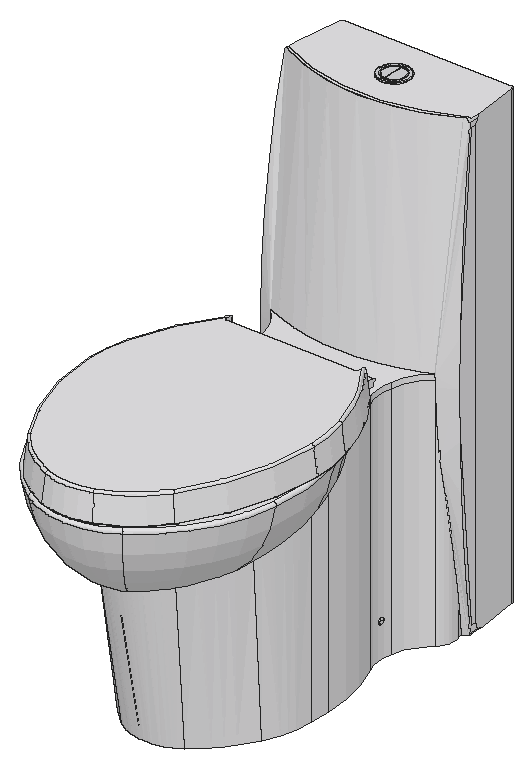
Revit family "Toilet-Floor_Mount-KOHLER-SAILE-K-3564T", category Plumbing Fixtures, host Face, Revit 2017
Family settings
  Host = Face
  Round Connector Dimension = Use Diameter
  Part Type = Normal
  OmniClass Number = 23.31.19.00
  OmniClass Title = Toilets
  Cut with Voids When Loaded = No
  Shared = No
  Room Calculation Point = No
Parameters (values of type "0- White")
  Width = 14 77/256"  # constant formula
  WaterSense Certified = 1 = 0  # no
  Waste Water Outlet = "Waste Water Outlet"  # constant formula
  Waste Connection = 1 = 1  # yes
  Vent Connection = 1 = 0  # no
  URL = "http://www.kohler.com.cn/"
  Type = 1
  Seat Included = 1 = 1  # yes
  Rough-In = 7 7/32"  # constant formula
  Product Page URL = ""
  Product Name = "SAILE\r\n"  # constant formula
  Product Documentation Link = ""
  Pressure = 0.00 psi
  Model = "K-3564T-S2-0"  # constant formula
  Material = "Vitreous china"  # constant formula
  Master Format 2014 Name = "Residential Water Closets"  # constant formula
  Master Format 2014 = "22 42 13.13"  # constant formula
  Manufacturer Address = "Kohler Beijing Office (100016) 36-2-03-B, No. 88, Liuxiang Road, Beijing"  # constant formula
  Manufacturer = "KOHLER Co."  # constant formula
  Length = 28 9/256"  # constant formula
  Hot Water Inlet = "Hot Water Inlet"  # constant formula
  Height = 28 1/2"  # constant formula
  HW Connection = 1 = 0  # no
  Flush Rate- LPF = "LPF"  # constant formula
  Flush Rate- GPF = "GPF"  # constant formula
  Flow Rate = 0 GPM
  Finish = Kohler-Vitreous_China-0-White
  Environmental Product Declaration = ""
  Description = "1 PC TOILET W/QC SEAT"  # constant formula
  Default Elevation = 0"
  Declare Label = ""
  Date Modified = "03/05/2021"  # constant formula
  Date Created = "03/05/2021"  # constant formula
  Copyright = "Copyright KOHLER Co."  # constant formula
  Contact Us = "http://www.kohler.com.cn/contact/contact-us/"
  Cold Water Inlet = "Cold Water Inlet"  # constant formula
  CW Connection = 1 = 1  # yes
  Bowl Height = 15"  # constant formula
  Assembly Code = "D2010100"
  ADA Compliant = 1 = 0  # no
Reference planes (in)
  plane 1 "Center (Front/Back)": y = 0
  plane 2: z = 0
  plane 3 "Center (Left/Right)": x = 0
  plane 4: y = 14.0175781
  plane 5: y = -14.0175781
  plane 6: x = -7.1496063
  plane 7: x = 7.151175
  plane 8: x = -5.6712598
  plane 9: x = 5.6712598
  plane 10: y = 8.5608852
  plane 11: z = 28.5
  plane 12: z = 7.7952756
  plane 13: y = 12.3955309
  plane 14: z = 7.21875
  plane 15: z = 15
  plane 16: z = 16.8818898
Dimensions and locks (in)
  "Length": plane 4 to plane 5
  equal spacing: plane 4, plane 1 "Center (Front/Back)", plane 5
  "Width": plane 6 to plane 7
  "Rough-In": level to plane 14
  locked: level to plane 12 at 7.7952756
  locked: plane 4 to plane 13 at 1.6220472
  locked: plane 4 to plane 10 at 5.4566929
  "Height": level to plane 11
  "Bowl Height": level to plane 15
  locked: plane 16 to plane 15 at 1.8818898
  locked: plane 8 to plane 9 at 11.3425197
  aligned and locked: plane 2 to host face
  aligned and locked: level to host face
Automatic sketch dimensions
  host sketch curve to host sketch curve = 96"  (x2)
Nested families (in)
  nested 1: "K-3564T" at (0, 14.0177165, 0), type "K-3564T"
Connectors (in)
  piping at (-5.4767214, 12.3956693, 7.7952756), diameter 0.375, driven by "Flow Rate", driven by "CW Connection", driven by "Cold Water Inlet"
    settings: on nested 1, index 1, connector inside diameter 24", connector length 0", flow factor 0, pipe flow 0 GPM, pressure drop 0.00 psi, fitting loss kfactor 0, connector angle 0.00°, fixture units 0, engagement length 0", angle of deflection 0.00°, flow configuration 0, flow direction 1, fitting loss method 0, system type 20, joint type 0, gender type 0, connector reference index -1, connector utility 1, adjustable connector no, is connector primary yes, connector description "Cold Water Inlet"
  piping at (0, 14.0177165, 7.2204724), diameter 2.125, driven by "Flow Rate", driven by "Waste Connection", driven by "Waste Water Outlet"
    settings: on nested 1, index 2, connector inside diameter 24", connector length 0", flow factor 0, pipe flow 0 GPM, pressure drop 0.00 psi, fitting loss kfactor 0, connector angle 0.00°, fixture units 0, engagement length 0", angle of deflection 0.00°, flow configuration 0, flow direction 2, fitting loss method 0, system type 16, joint type 0, gender type 0, connector reference index -1, connector utility 1, adjustable connector no, is connector primary no, connector description "Waste Water Outlet"
Definition of nested family "K-3564T"
  Parameters (values of type "K-3564T")
    Material = none
  Reference planes (in)
    plane 1 "Center (Front/Back)": y = 0
    plane 2: z = 0
    plane 3 "Center (Left/Right)": x = 0
    plane 4: x = -7.1496063
    plane 5: x = 7.1496063
    plane 6: y = -28.0354331
    plane 7: x = -5.6712598
    plane 8: x = 5.6712598
    plane 9: z = 28.5
    plane 10 "1": z = 15
    plane 11: z = 7.2204724
    plane 12: y = -1.6220472
    plane 13: z = 16.8818898
    plane 14: y = -5.4566929
    plane 15: y = -23.3897638
    plane 16: y = -19.019685
    plane 17: y = -17.1606289
    plane 18: x = 0.532291
    plane 19: x = -0.532291
    plane 20: z = 7.7952756
    plane 21 "2": z = 2.1653543
    plane 22: y = -14.0177165
  Forms (in)
    Extrusion 1, solid, material <- "Material", detail levels medium+fine
      sketch origin (0, 0, 0) x (1, 0, 0) y (0, 0, 1)
        loop
          arc (-5.6864114, 28.240314) -> (-6.0904234, 14.1477828) -> (-5.6745272, 0.0555973) r 242.4205808
          arc (-5.6745272, 0.0555973) -> (-5.6560907, 0.0160917) -> (-5.6155734, 0) r 0.0590551
          line (-5.6155734, 0) -> (5.6155734, 0)
          arc (5.6155734, 0) -> (5.6560907, 0.0160917) -> (5.6745272, 0.0555973) r 0.0590551
          arc (5.6745272, 0.0555973) -> (6.0904234, 14.1477828) -> (5.6864114, 28.240314) r 242.4205808
          arc (5.6864114, 28.240314) -> (5.6004454, 28.4248256) -> (5.4112801, 28.5) r 0.2755906
          line (5.4112801, 28.5) -> (-5.4112801, 28.5)
          arc (-5.4112801, 28.5) -> (-5.6004454, 28.4248256) -> (-5.6864114, 28.240314) r 0.2755906
      from 0 to 7.7173563
    Sweep 2, void
      path origin (0, 0, 0) x (1, 0, 0) y (0, 1, 0)
        loop
          arc (-7.1496063, -4.5579871) -> (0, -6.8332341) -> (7.1496063, -4.5579871) r 12.370881
      profile origin (0, -6.8332341, 0) x (0, 1, 0) y (0, 0, 1)
        loop
          arc (1.3765412, 0) -> (-0.0037882, 14.25) -> (1.3765412, 28.5) r 74.2459801
          line (1.3765412, 28.5) -> (-2.828118, 28.5) -> (-2.828118, 0) -> (1.3765412, 0)
    Extrusion 3, void
      sketch origin (0, 0, 0) x (1, 0, 0) y (0, 1, 0)
        loop
          arc (-5.2987836, -0.1728604) -> (-5.2338376, -0.0494182) -> (-5.1034005, 0) r 0.1968504
          line (-5.1034005, 0) -> (5.1034005, 0)
          arc (5.1034005, 0) -> (5.2338376, -0.0494182) -> (5.2987836, -0.1728604) r 0.1968504
          line (5.2987836, -0.1728604) -> (5.7333696, -3.7122789) -> (6.914472, -3.7122789) -> (6.914472, 0.6184297) -> (-6.914472, 0.6184297) -> (-6.914472, -3.7122789) -> (-5.7333696, -3.7122789) -> (-5.2987836, -0.1728604)
      from 0 to 30.5095321
    Extrusion 4, void
      sketch origin (0, 0, 0) x (0, 1, 0) y (0, 0, 1)
        loop
          line (-3.6870295, 0) -> (-3.1217277, 0) -> (-3.1217277, 28.6673879) -> (-3.6754429, 28.6673879)
          arc (-3.6754429, 28.6673879) -> (-4.8152223, 14.3341523) -> (-3.6870295, 0) r 91.1566408
      from 5.7027412 to 14.7173338
    Extrusion 5, void
      sketch origin (0, 0, 0) x (1, 0, 0) y (0, 1, 0)
        loop
          arc (-6.0536275, -3.5192919) -> (0, -5.2557783) -> (6.0536275, -3.5192919) r 11.4201266
          line (6.0536275, -3.5192919) -> (6.0536275, 0) -> (-6.0536275, 0) -> (-6.0536275, -3.5192919)
      from 28.3761573 to 31.530401
    Extrusion 6, void
      sketch origin (0, 0, 0) x (0, 1, 0) y (0, 0, -1)
        loop
          arc (-3.6870295, 0) -> (-4.8152223, -14.3341523) -> (-3.6754429, -28.6673879) r 91.1566408
          line (-3.6754429, -28.6673879) -> (-3.1217277, -28.6673879) -> (-3.1217277, 0) -> (-3.6870295, 0)
      from 5.6947241 to 14.7173338
    Revolve 7, solid, detail levels medium+fine
      sketch origin (0, 0, 0) x (0, 1, 0) y (0, 0, 1)
        loop
          line (-1.9096849, 28.3669731) -> (-1.6704999, 28.3669731) -> (-1.6704999, 28.4025353)
          arc (-1.6704999, 28.4025353) -> (-1.6774186, 28.4192386) -> (-1.6941219, 28.4261573) r 0.023622
          line (-1.6941219, 28.4261573) -> (-1.8862166, 28.4261573)
          arc (-1.8862166, 28.4261573) -> (-1.9028112, 28.4192836) -> (-1.9096849, 28.402689) r 0.0234683
          line (-1.9096849, 28.402689) -> (-1.9096849, 28.3669731)
        axis (-2.61, 28.4261573) -> (-2.61, 28.3669731)
      angle from 0 to 360
    Extrusion 8, solid, detail levels medium+fine
      sketch origin (0, 0, 0) x (1, 0, 0) y (0, 1, 0)
        loop
          arc (-0.0957686, -1.9641253) -> (-0.6481819, -2.607774) -> (-0.0930897, -3.2491138) r 0.6496063
          arc (-0.0930897, -3.2491138) -> (-0.0746556, -3.2428441) -> (-0.0689899, -3.2242154) r 0.0213351
          arc (-0.0689899, -3.2242154) -> (-0.1243068, -2.6077192) -> (-0.0694506, -1.9911819) r 3.4775065
          arc (-0.0694506, -1.9911819) -> (-0.0756574, -1.9708911) -> (-0.0957686, -1.9641253) r 0.0232114
        loop
          arc (-0.0404977, -1.9785772) -> (-0.0893845, -2.6038639) -> (-0.0412858, -3.2292117) r 4.0560028
          arc (-0.0412858, -3.2292117) -> (-0.0308572, -3.2481364) -> (-0.0106972, -3.2559129) r 0.0315514
          arc (-0.0106972, -3.2559129) -> (0.6510238, -2.6037653) -> (-0.0160047, -1.9570472) r 0.6496063
          arc (-0.0160047, -1.9570472) -> (-0.0321458, -1.9633816) -> (-0.0404977, -1.9785772) r 0.0254839
      from 28.3761573 to 28.4261573
    Extrusion 9, solid, material <- "Material", detail levels medium+fine
      sketch origin (0, 0, 0) x (1, 0, 0) y (0, 1, 0)
        loop
          arc (5.0345822, -5.7724076) -> (5.4174856, -5.1295298) -> (5.3998031, -4.3814696) r 1.3518939
          line (5.3998031, -4.3814696) -> (4.8779325, -2.7182476) -> (-4.8779325, -2.7182476) -> (-5.3998031, -4.3814696)
          arc (-5.3998031, -4.3814696) -> (-5.4174856, -5.1295298) -> (-5.0345822, -5.7724076) r 1.3518939
          arc (-5.0345822, -5.7724076) -> (-4.3245634, -6.6715773) -> (-3.910274, -7.7397519) r 3.8537137
          arc (-3.910274, -7.7397519) -> (-3.85572, -8.7044923) -> (-4.1154191, -9.6352212) r 2.9539233
          arc (-4.1154191, -9.6352212) -> (-4.8320643, -11.7460177) -> (-5.0747829, -13.961899) r 10.2362205
          line (-5.0747829, -13.961899) -> (-5.0747829, -15.1508057) -> (-4.6436022, -15.1508057) -> (-4.3726062, -13.1191355)
          arc (-4.3726062, -13.1191355) -> (-0.0799165, -9.3610109) -> (4.2127733, -13.1191355) r 4.3307087
          line (4.2127733, -13.1191355) -> (4.4837693, -15.1508057) -> (5.0747829, -15.1508057) -> (5.0747829, -13.961899)
          arc (5.0747829, -13.961899) -> (4.8320643, -11.7460177) -> (4.1154191, -9.6352212) r 10.2362205
          arc (4.1154191, -9.6352212) -> (3.85572, -8.7044923) -> (3.910274, -7.7397519) r 2.9539233
          arc (3.910274, -7.7397519) -> (4.3245634, -6.6715773) -> (5.0345822, -5.7724076) r 3.8537137
      from 0 to 14.6717371
    Blend 10, solid, material <- "Material", detail levels medium+fine
      base sketch origin (0, 0, 0) x (1, 0, 0) y (0, 1, 0)
        loop
          line (-5.0747829, -15.1508057) -> (-5.0747829, -15.3021957)
          arc (-5.0747829, -15.3021957) -> (-4.8925028, -16.7974702) -> (-4.3563391, -18.2051633) r 6.224135
          arc (-4.3563391, -18.2051633) -> (-3.3008461, -19.7787544) -> (-1.9389161, -21.0961005) r 8.9878575
          arc (-1.9389161, -21.0961005) -> (0, -21.7636464) -> (1.9389161, -21.0961005) r 3.1496063
          arc (1.9389161, -21.0961005) -> (3.3008461, -19.7787544) -> (4.3563391, -18.2051633) r 8.9878575
          arc (4.3563391, -18.2051633) -> (4.8925028, -16.7974702) -> (5.0747829, -15.3021957) r 6.224135
          line (5.0747829, -15.3021957) -> (5.0747829, -15.1508057) -> (4.3673026, -15.1508057) -> (4.3673026, -15.3021957)
          arc (4.3673026, -15.3021957) -> (4.2057418, -16.6275064) -> (3.7305223, -17.875191) r 5.5166547
          arc (3.7305223, -17.875191) -> (2.7581126, -19.3249166) -> (1.5033871, -20.5385677) r 8.2803772
          arc (1.5033871, -20.5385677) -> (0, -21.0561661) -> (-1.5033871, -20.5385677) r 2.442126
          arc (-1.5033871, -20.5385677) -> (-2.7581126, -19.3249166) -> (-3.7305223, -17.875191) r 8.2803772
          arc (-3.7305223, -17.875191) -> (-4.2057418, -16.6275064) -> (-4.3673026, -15.3021957) r 5.5166547
          line (-4.3673026, -15.3021957) -> (-4.3674361, -15.1508057) -> (-5.0747829, -15.1508057)
      top sketch origin (0, 0, 0) x (1, 0, 0) y (0, 1, 0)
        loop
          line (-5.0747829, -15.1508057) -> (-5.0747829, -15.3021957)
          arc (-5.0747829, -15.3021957) -> (-4.9194081, -17.2168904) -> (-4.4573495, -19.0814812) r 11.8751448
          arc (-4.4573495, -19.0814812) -> (-3.6519796, -21.0087475) -> (-2.5785873, -22.8006195) r 14.5297191
          arc (-2.5785873, -22.8006195) -> (0, -24.1416607) -> (2.5785873, -22.8006195) r 3.1496063
          arc (2.5785873, -22.8006195) -> (3.6519796, -21.0087475) -> (4.4573495, -19.0814812) r 14.5297191
          arc (4.4573495, -19.0814812) -> (4.9194081, -17.2168904) -> (5.0747829, -15.3021957) r 11.8751448
          line (5.0747829, -15.3021957) -> (5.0747829, -15.1508057) -> (4.3673026, -15.1508057) -> (4.3673026, -15.3021957)
          arc (4.3673026, -15.3021957) -> (4.2211844, -17.1028194) -> (3.7866537, -18.8563243) r 11.1676645
          arc (3.7866537, -18.8563243) -> (3.0204989, -20.6897484) -> (1.9993721, -22.3943706) r 13.8222387
          arc (1.9993721, -22.3943706) -> (0, -23.4341804) -> (-1.9993721, -22.3943706) r 2.442126
          arc (-1.9993721, -22.3943706) -> (-3.0204989, -20.6897484) -> (-3.7866537, -18.8563243) r 13.8222387
          arc (-3.7866537, -18.8563243) -> (-4.2211844, -17.1028194) -> (-4.3673026, -15.3021957) r 11.1676645
          line (-4.3673026, -15.3021957) -> (-4.3674361, -15.1508057) -> (-5.0747829, -15.1508057)
      from 0 to 12.5219182
    Sweep 11, solid, material <- "Material", detail levels medium+fine
      path origin (0, 0, 15) x (0, 1, 0) y (-1, 0, 0)
        loop
          arc (-24.9684463, 1.418569) -> (-25.4081168, -0.0002262) -> (-24.9684463, -1.4190214) r 2.5090265
          arc (-24.9684463, -1.4190214) -> (-22.8497563, -3.4299788) -> (-20.0943039, -4.3996589) r 6.9909855
          arc (-20.0943039, -4.3996589) -> (-18.1479608, -4.4732163) -> (-16.2199687, -4.1966136) r 10.8192348
          arc (-16.2199687, -4.1966136) -> (-15.7930041, -4.0784585) -> (-15.3760475, -3.9287703) r 5.9323045
          arc (-15.3760475, -3.9287703) -> (-12.7204724, 0) -> (-15.3760475, 3.9287703) r 4.2339822
          arc (-15.3760475, 3.9287703) -> (-15.7930041, 4.0784585) -> (-16.2199687, 4.1966136) r 5.9323045
          arc (-16.2199687, 4.1966136) -> (-18.1479608, 4.4732163) -> (-20.0943039, 4.3996589) r 10.8192348
          arc (-20.0943039, 4.3996589) -> (-22.8497563, 3.4299788) -> (-24.9684463, 1.418569) r 6.9909855
      profile origin (0.0002262, -25.4081168, 15) x (0, 1, 0) y (0, 0, 1)
        loop
          line (-1.9011192, 0) -> (-2.4036808, 0)
          arc (-2.4036808, 0) -> (-2.5525012, -0.0679995) -> (-2.5985053, -0.2250189) r 0.1968504
          arc (-2.5985053, -0.2250189) -> (-0.9393775, -3.8278493) -> (2.4142786, -5.9458869) r 6.9831565
          line (2.4142786, -5.9458869) -> (2.451926, -5.9458869) -> (2.451926, -5.0189274) -> (2.4142786, -5.0189274)
          arc (2.4142786, -5.0189274) -> (0.4792402, -4.147498) -> (-0.986251, -2.6125394) r 5.5406201
          arc (-0.986251, -2.6125394) -> (-1.0847368, -2.3961763) -> (-1.1184712, -2.1608585) r 0.8376098
          line (-1.1184712, -2.1608585) -> (-1.1184712, -1.6078208) -> (-0.6595579, -1.6078208)
          arc (-0.6595579, -1.6078208) -> (-0.3152907, -1.4091418) -> (-0.3150731, -1.0116581) r 0.3976093
          arc (-0.3150731, -1.0116581) -> (-0.5188658, -0.7122451) -> (-0.7649786, -0.4465232) r 2.4250599
          arc (-0.7649786, -0.4465232) -> (-1.2907508, -0.1156376) -> (-1.9011192, 0) r 1.6686684
    Extrusion 12, void
      sketch origin (0, 0, 0) x (0, 1, 0) y (0, 0, 1)
        loop
          line (-12.3949002, 15.0001573) -> (-24.5996246, 15.0001573) -> (-24.5996246, 9.7925234)
          arc (-24.5996246, 9.7925234) -> (-21.3028903, 10.0307817) -> (-18.0427839, 10.5756947) r 35.3756775
          arc (-18.0427839, 10.5756947) -> (-16.545684, 11.0061568) -> (-15.1203034, 11.6345646) r 11.5257542
          arc (-15.1203034, 11.6345646) -> (-13.4101235, 13.0359786) -> (-12.3949002, 15.0001573) r 5.4668382
      from -5.0747829 to 5.0747829
    Extrusion 13, solid, material <- "Material", detail levels medium+fine
      sketch origin (0, 0, 0) x (1, 0, 0) y (0, 1, 0)
        loop
          arc (5.0345822, -5.7724076) -> (5.4174856, -5.1295298) -> (5.3998031, -4.3814696) r 1.3518939
          line (5.3998031, -4.3814696) -> (4.8779325, -2.7182476) -> (-4.8779325, -2.7182476) -> (-5.3998031, -4.3814696)
          arc (-5.3998031, -4.3814696) -> (-5.4174856, -5.1295298) -> (-5.0345822, -5.7724076) r 1.3518939
          arc (-5.0345822, -5.7724076) -> (-4.3245634, -6.6715773) -> (-3.910274, -7.7397519) r 3.8537137
          arc (-3.910274, -7.7397519) -> (-3.85572, -8.7044923) -> (-4.1154191, -9.6352212) r 2.9539233
          arc (-4.1154191, -9.6352212) -> (-4.6648484, -11.0940926) -> (-4.9863756, -12.6194772) r 10.2362205
          arc (-4.9863756, -12.6194772) -> (0, -10.3781527) -> (4.9863756, -12.6194772) r 6.6673695
          arc (4.9863756, -12.6194772) -> (4.6648484, -11.0940926) -> (4.1154191, -9.6352212) r 10.2362205
          arc (4.1154191, -9.6352212) -> (3.85572, -8.7044923) -> (3.910274, -7.7397519) r 2.9539233
          arc (3.910274, -7.7397519) -> (4.3245634, -6.6715773) -> (5.0345822, -5.7724076) r 3.8537137
      from 14.6717371 to 15.0001573
    Extrusion 14, solid, material <- "Material", detail levels medium+fine
      sketch origin (0, 0, 0) x (1, 0, 0) y (0, 1, 0)
        loop
          arc (1.6535945, -16.2901131) -> (0, -15.1723985) -> (-1.6535945, -16.2901131) r 1.7820562
          arc (-1.6535945, -16.2901131) -> (-1.7414139, -16.5347342) -> (-1.8107334, -16.7852268) r 3.4803785
          arc (-1.8107334, -16.7852268) -> (-2.0246506, -18.2762847) -> (-1.9677633, -19.7815347) r 8.3673088
          arc (-1.9677633, -19.7815347) -> (-1.3380786, -21.5707353) -> (-0.0322074, -22.9463957) r 4.5390595
          arc (-0.0322074, -22.9463957) -> (0.0002262, -22.9561908) -> (0.0325152, -22.9461847) r 0.0571005
          arc (0.0325152, -22.9461847) -> (1.338176, -21.5705761) -> (1.9677633, -19.7815347) r 4.5390595
          arc (1.9677633, -19.7815347) -> (2.0246506, -18.2762847) -> (1.8107334, -16.7852268) r 8.3673088
          arc (1.8107334, -16.7852268) -> (1.7414139, -16.5347342) -> (1.6535945, -16.2901131) r 3.4803785
      from 9.0541131 to 9.9810726
    Extrusion 15, solid, material <- "Material", detail levels medium+fine
      sketch origin (0, 0, 0) x (1, 0, 0) y (0, 1, 0)
        loop
          arc (-1.5480492, -27.7501946) -> (0, -28.0354331) -> (1.5480492, -27.7501946) r 4.3434136
          arc (1.5480492, -27.7501946) -> (3.2965355, -26.7583249) -> (4.6691705, -25.2896918) r 6.6562764
          arc (4.6691705, -25.2896918) -> (6.4890685, -21.5530704) -> (7.1496063, -17.4496501) r 14.2058874
          arc (7.1496063, -17.4496501) -> (7.0713931, -16.1148602) -> (6.8042262, -14.8047444) r 9.3818268
          arc (6.8042262, -14.8047444) -> (5.8427202, -12.3034894) -> (4.428376, -10.02744) r 14.1983467
          arc (4.428376, -10.02744) -> (4.3591441, -9.9702759) -> (4.271728, -9.9498016) r 0.1968504
          line (4.271728, -9.9498016) -> (4.1471092, -9.9498016)
          arc (4.1471092, -9.9498016) -> (4.0914315, -9.972864) -> (4.068369, -10.0285417) r 0.0787402
          line (4.068369, -10.0285417) -> (4.068369, -10.4720126)
          arc (4.068369, -10.4720126) -> (4.0507908, -10.5144502) -> (4.0083533, -10.5320284) r 0.0600157
          line (4.0083533, -10.5320284) -> (-4.0083533, -10.5320284)
          arc (-4.0083533, -10.5320284) -> (-4.0507908, -10.5144502) -> (-4.068369, -10.4720126) r 0.0600157
          line (-4.068369, -10.4720126) -> (-4.068369, -10.0285417)
          arc (-4.068369, -10.0285417) -> (-4.0914315, -9.972864) -> (-4.1471092, -9.9498016) r 0.0787402
          line (-4.1471092, -9.9498016) -> (-4.271728, -9.9498016)
          arc (-4.271728, -9.9498016) -> (-4.3591441, -9.9702759) -> (-4.428376, -10.02744) r 0.1968504
          arc (-4.428376, -10.02744) -> (-5.8427202, -12.3034894) -> (-6.8042262, -14.8047444) r 14.1983467
          arc (-6.8042262, -14.8047444) -> (-7.0713931, -16.1148602) -> (-7.1496063, -17.4496501) r 9.3818268
          arc (-7.1496063, -17.4496501) -> (-6.4890685, -21.5530704) -> (-4.6691705, -25.2896918) r 14.2058874
          arc (-4.6691705, -25.2896918) -> (-3.2965355, -26.7583249) -> (-1.5480492, -27.7501946) r 6.6562764
      from 15.1834021 to 16.8818898
    Sweep 16, void
      path in 3D
        loop
          arc (4.1108748, -9.6254911, 16.8818898) -> (5.7266077, -12.0752008, 16.8818898) -> (6.8042262, -14.8047444, 16.8818898) r 14.1983467
          arc (6.8042262, -14.8047444, 16.8818898) -> (7.0713931, -16.1148602, 16.8818898) -> (7.1496063, -17.4496501, 16.8818898) r 9.3818268
          arc (7.1496063, -17.4496501, 16.8818898) -> (6.4890685, -21.5530704, 16.8818898) -> (4.6691705, -25.2896918, 16.8818898) r 14.2058874
          arc (4.6691705, -25.2896918, 16.8818898) -> (3.2965355, -26.7583249, 16.8818898) -> (1.5480492, -27.7501946, 16.8818898) r 6.6562764
          arc (1.5480492, -27.7501946, 16.8818898) -> (0, -28.0354331, 16.8818898) -> (-1.5480492, -27.7501946, 16.8818898) r 4.3434136
          arc (-1.5480492, -27.7501946, 16.8818898) -> (-3.2965355, -26.7583249, 16.8818898) -> (-4.6691705, -25.2896918, 16.8818898) r 6.6562764
          arc (-4.6691705, -25.2896918, 16.8818898) -> (-6.4890685, -21.5530704, 16.8818898) -> (-7.1496063, -17.4496501, 16.8818898) r 14.2058874
          arc (-7.1496063, -17.4496501, 16.8818898) -> (-7.0713931, -16.1148602, 16.8818898) -> (-6.8042262, -14.8047444, 16.8818898) r 9.3818268
          arc (-6.8042262, -14.8047444, 16.8818898) -> (-5.7266308, -12.0752452, 16.8818898) -> (-4.1109383, -9.6255686, 16.8818898) r 14.1983467
      profile origin (0, -28.0354331, 16.8818898) x (0, -1, 0) y (0, 0, 1)
        loop
          arc (-0.3646563, 0) -> (-0.2610184, -0.0389087) -> (-0.2085921, -0.1364085) r 0.1574803
          line (-0.2085921, -0.1364085) -> (0, -1.681304) -> (0, 0) -> (-0.3646563, 0)
    Extrusion 17, solid, material <- "Material", detail levels medium+fine
      sketch origin (0, 0, 0) x (0, 1, 0) y (0, 0, 1)
        loop
          arc (-10.0732627, 16.327347) -> (-10.2613644, 16.6608535) -> (-10.6299213, 16.7646544) r 0.5018946
          line (-10.6299213, 16.7646544) -> (-10.6299213, 15.0001573) -> (-9.9103043, 15.0001573) -> (-10.0732627, 16.327347)
      from -3.5132731 to 3.5132731
    Extrusion 18, solid, material <- "Material", detail levels medium+fine
      sketch origin (0, 0, 0) x (0, 1, 0) y (0, 0, 1)
        loop
          arc (-10.0732627, 16.327347) -> (-10.2613644, 16.6608535) -> (-10.6299213, 16.7646544) r 0.5018946
          line (-10.6299213, 16.7646544) -> (-10.6299213, 15.0001573) -> (-9.9103043, 15.0001573) -> (-10.0732627, 16.327347)
      from 3.5576501 to 4.0580928
    Extrusion 19, solid, material <- "Material", detail levels medium+fine
      sketch origin (0, 0, 0) x (0, 1, 0) y (0, 0, -1)
        loop
          line (-10.0732627, -16.327347) -> (-9.9103043, -15.0001573) -> (-10.6299213, -15.0001573) -> (-10.6299213, -16.7646544)
          arc (-10.6299213, -16.7646544) -> (-10.2613644, -16.6608535) -> (-10.0732627, -16.327347) r 0.5018946
      from 3.5576501 to 4.0580928
    Extrusion 20, solid, material <- "Material", detail levels medium+fine
      sketch origin (0, 0, 0) x (0, 1, 0) y (0, 0, 1)
        loop
          line (-10.0158779, 15.6930375) -> (-10.0158779, 15.0001573) -> (-8.6547427, 15.0001573) -> (-8.6547427, 15.1110455)
          arc (-8.6547427, 15.1110455) -> (-8.6230101, 15.2182191) -> (-8.5380431, 15.2908396) r 0.1968504
          arc (-8.5380431, 15.2908396) -> (-8.4979472, 15.3577795) -> (-8.5472465, 15.4182626) r 0.0679321
          arc (-8.5472465, 15.4182626) -> (-9.2753626, 15.5887858) -> (-10.0158779, 15.6930375) r 8.2945555
      from 1.9651123 to 3.5132731
    Extrusion 21, solid, material <- "Material", detail levels medium+fine
      sketch origin (0, 0, 0) x (0, 1, 0) y (0, 0, -1)
        loop
          arc (-10.0158779, -15.6930375) -> (-9.2753626, -15.5887858) -> (-8.5472465, -15.4182626) r 8.2945555
          arc (-8.5472465, -15.4182626) -> (-8.4979472, -15.3577795) -> (-8.5380431, -15.2908396) r 0.0679321
          arc (-8.5380431, -15.2908396) -> (-8.6230101, -15.2182191) -> (-8.6547427, -15.1110455) r 0.1968504
          line (-8.6547427, -15.1110455) -> (-8.6547427, -15.0001573) -> (-10.0158779, -15.0001573) -> (-10.0158779, -15.6930375)
      from 1.9651123 to 3.5132731
    Extrusion 22, solid, material <- "Material", detail levels medium+fine
      sketch origin (0, 0, 0) x (0, 1, 0) y (0, 0, 1)
        loop
          circle (-1.6220472, 7.7952756) r 0.3937008
      from -5.5438332 to -5.1654077
    Extrusion 23, solid, material <- "Material", detail levels medium+fine
      sketch origin (0, 0, 0) x (1, 0, 0) y (0, 0, 1)
        loop
          circle (0, 7.2204724) r 1.5748031
      from 0 to 3.289079
    Revolve 24, solid, material <- "Material", detail levels medium+fine
      sketch origin (-2.7909078, 1.5492179, 2.1653543) x (-0.292074, 0.956396, 0) y (-0.956396, -0.292074, 0)
        loop
          line (-9.2608557, 4.0122515) -> (-9.293028, 3.8921831) -> (-9.1733196, 3.8601073) -> (-9.154618, 3.9299027) -> (-9.1201428, 3.9206651)
          arc (-9.1201428, 3.9206651) -> (-9.1044829, 3.9332453) -> (-9.1117546, 3.9519701) r 0.016996
          arc (-9.1117546, 3.9519701) -> (-9.1835252, 3.9889869) -> (-9.2608557, 4.0122515) r 0.439629
        axis (-9.2608557, 4.0122515) -> (-9.293028, 3.8921831)
      angle from 0 to 360
    Revolve 25, solid, material <- "Material", detail levels medium+fine
      sketch origin (2.7909078, 1.5492179, 2.1653543) x (0.292074, 0.956396, 0) y (0.956396, -0.292074, 0)
        loop
          line (-9.2608557, 4.0122515) -> (-9.293028, 3.8921831) -> (-9.1733196, 3.8601073) -> (-9.154618, 3.9299027) -> (-9.1201428, 3.9206651)
          arc (-9.1201428, 3.9206651) -> (-9.1044829, 3.9332453) -> (-9.1117546, 3.9519701) r 0.016996
          arc (-9.1117546, 3.9519701) -> (-9.1835252, 3.9889869) -> (-9.2608557, 4.0122515) r 0.439629
        axis (-9.2608557, 4.0122515) -> (-9.293028, 3.8921831)
      angle from 0 to 360
    Extrusion 26, solid, material <- "Material"
      sketch origin (0, 0, 0) x (1, 0, 0) y (0, 1, 0)
        loop
          line (6.2917944, -18.2889667) -> (5.8980936, -18.2889667) -> (5.8980936, -20.2574706) -> (6.2917944, -20.2574706) -> (6.2917944, -18.2889667)
        loop
          line (4.4397162, -13.2007285) -> (5.2642611, -14.6288821) -> (5.605216, -14.4320318) -> (4.7806711, -13.0038781) -> (4.4397162, -13.2007285)
        loop
          line (4.0212876, -24.5079225) -> (2.9447024, -25.7571069) -> (3.2429305, -26.0141289) -> (4.3195156, -24.7649445) -> (4.0212876, -24.5079225)
        loop
          line (-6.2917944, -18.2889667) -> (-6.2917944, -20.2574706) -> (-5.8980936, -20.2574706) -> (-5.8980936, -18.2889667) -> (-6.2917944, -18.2889667)
        loop
          line (-4.4397162, -13.2007285) -> (-4.7806711, -13.0038781) -> (-5.605216, -14.4320318) -> (-5.2642611, -14.6288821) -> (-4.4397162, -13.2007285)
        loop
          line (-4.0212876, -24.5079225) -> (-4.3195156, -24.7649445) -> (-3.2429305, -26.0141289) -> (-2.9447024, -25.7571069) -> (-4.0212876, -24.5079225)
      from 14.9986257 to 15.1834021
    Extrusion 27, solid, material <- "Material", detail levels coarse
      sketch origin (0, 0, 0) x (1, 0, 0) y (0, 1, 0)
        loop
          line (-5.6712598, 0) -> (-5.6712598, -4.807357) -> (-6.0905462, -4.807357) -> (-6.0905462, -5.2300782)
          arc (-6.0905462, -5.2300782) -> (0, -6.8332325) -> (6.0905462, -5.2300782) r 12.3708794
          line (6.0905462, -5.2300782) -> (6.0905462, -4.807357) -> (5.6712598, -4.807357) -> (5.6712598, 0) -> (-5.6712598, 0)
      from 0 to 28.5
    Extrusion 28, solid, material <- "Material", detail levels coarse
      sketch origin (0, 0, 0) x (1, 0, 0) y (0, 1, 0)
        loop
          arc (-1.5480492, -27.7501946) -> (0, -28.0354331) -> (1.5480492, -27.7501946) r 4.3434136
          arc (1.5480492, -27.7501946) -> (3.2965355, -26.7583249) -> (4.6691705, -25.2896918) r 6.6562764
          arc (4.6691705, -25.2896918) -> (6.4890685, -21.5530704) -> (7.1496063, -17.4496501) r 14.2058874
          arc (7.1496063, -17.4496501) -> (7.0713931, -16.1148602) -> (6.8042262, -14.8047444) r 9.3818268
          arc (6.8042262, -14.8047444) -> (5.8042959, -12.2268085) -> (4.3236704, -9.891565) r 14.1983467
          arc (4.3236704, -9.891565) -> (3.9174672, -9.0969388) -> (3.835054, -8.2083219) r 2.3622047
          arc (3.835054, -8.2083219) -> (4.213177, -6.881221) -> (5.0345822, -5.7724076) r 3.8537137
          line (5.0345822, -5.7724076) -> (5.0345822, -4.7881556) -> (-5.0345822, -4.7881556) -> (-5.0345822, -5.7724076)
          arc (-5.0345822, -5.7724076) -> (-4.213177, -6.881221) -> (-3.835054, -8.2083219) r 3.8537137
          arc (-3.835054, -8.2083219) -> (-3.9174672, -9.0969388) -> (-4.3236704, -9.891565) r 2.3622047
          arc (-4.3236704, -9.891565) -> (-5.8042959, -12.2268085) -> (-6.8042262, -14.8047444) r 14.1983467
          arc (-6.8042262, -14.8047444) -> (-7.0713931, -16.1148602) -> (-7.1496063, -17.4496501) r 9.3818268
          arc (-7.1496063, -17.4496501) -> (-6.4890685, -21.5530704) -> (-4.6691705, -25.2896918) r 14.2058874
          arc (-4.6691705, -25.2896918) -> (-3.2965355, -26.7583249) -> (-1.5480492, -27.7501946) r 6.6562764
      from 0 to 15.0001573
    Extrusion 29, solid, material <- "Material", detail levels coarse
      sketch origin (0, 0, 0) x (1, 0, 0) y (0, 1, 0)
        loop
          arc (-1.5480492, -27.7501946) -> (0, -28.0354331) -> (1.5480492, -27.7501946) r 4.3434136
          arc (1.5480492, -27.7501946) -> (3.2965355, -26.7583249) -> (4.6691705, -25.2896918) r 6.6562764
          arc (4.6691705, -25.2896918) -> (6.4890685, -21.5530704) -> (7.1496063, -17.4496501) r 14.2058874
          arc (7.1496063, -17.4496501) -> (7.0713931, -16.1148602) -> (6.8042262, -14.8047444) r 9.3818268
          arc (6.8042262, -14.8047444) -> (5.8208653, -12.2597333) -> (4.3688682, -9.9498016) r 14.1983467
          line (4.3688682, -9.9498016) -> (-4.3688682, -9.9498016)
          arc (-4.3688682, -9.9498016) -> (-5.8208653, -12.2597333) -> (-6.8042262, -14.8047444) r 14.1983467
          arc (-6.8042262, -14.8047444) -> (-7.0713931, -16.1148602) -> (-7.1496063, -17.4496501) r 9.3818268
          arc (-7.1496063, -17.4496501) -> (-6.4890685, -21.5530704) -> (-4.6691705, -25.2896918) r 14.2058874
          arc (-4.6691705, -25.2896918) -> (-3.2965355, -26.7583249) -> (-1.5480492, -27.7501946) r 6.6562764
      from 15.1834021 to 16.8818898
  Cuts and joins
    Sweep 2, Extrusion 3, Extrusion 4, Extrusion 5, Extrusion 6, Extrusion 12 cuts Extrusion 1
    Extrusion 12 cuts Extrusion 9
    Extrusion 12 cuts Blend 10
    Sweep 16 cuts Extrusion 15
    joined: Extrusion 1, Extrusion 9, Blend 10, Extrusion 13, Extrusion 14, Extrusion 15, Extrusion 17, Extrusion 18, Extrusion 19, Extrusion 20, Extrusion 21, Extrusion 22, Revolve 24, Revolve 25
    joined: Extrusion 27, Extrusion 28, Extrusion 29
  Lines and regions (in)
    Masking region 1
      outline origin (0, 0, 2.1653543) x (0, 1, 0) y (-1, 0, 0)
        loop
          arc (-27.7501946, 1.5480492) -> (-28.0354331, 0) -> (-27.7501946, -1.5480492) r 4.3434136
          arc (-27.7501946, -1.5480492) -> (-26.7583249, -3.2965355) -> (-25.2896918, -4.6691705) r 6.6562764
          arc (-25.2896918, -4.6691705) -> (-21.5530704, -6.4890685) -> (-17.4496501, -7.1496063) r 14.2058874
          arc (-17.4496501, -7.1496063) -> (-16.1148602, -7.0713931) -> (-14.8047444, -6.8042262) r 9.3818268
          arc (-14.8047444, -6.8042262) -> (-12.3034894, -5.8427202) -> (-10.02744, -4.428376) r 14.1983467
          arc (-10.02744, -4.428376) -> (-9.8499657, -4.2485428) -> (-9.6352212, -4.1154191) r 1.0682886
          arc (-9.6352212, -4.1154191) -> (-9.1491107, -3.9386691) -> (-8.6396217, -3.8494224) r 2.9539233
          line (-8.6396217, -3.8494224) -> (-8.6018269, -3.8670464) -> (-8.6374968, -3.8658118)
          arc (-8.6374968, -3.8658118) -> (-8.6499205, -3.8815963) -> (-8.6386178, -3.8982018) r 0.016996
          arc (-8.6386178, -3.8982018) -> (-8.5603536, -3.9181007) -> (-8.47977, -3.9233484) r 0.439629
          arc (-8.47977, -3.9233484) -> (-8.3990165, -3.9236845) -> (-8.3195638, -3.9092441) r 0.439629
          arc (-8.3195638, -3.9092441) -> (-8.3071401, -3.8934597) -> (-8.3184428, -3.8768542) r 0.016996
          line (-8.3184428, -3.8768542) -> (-8.3541127, -3.8756196) -> (-8.3528371, -3.8387636)
          arc (-8.3528371, -3.8387636) -> (-8.0444216, -3.8584613) -> (-7.7397519, -3.910274) r 2.9539233
          arc (-7.7397519, -3.910274) -> (-6.6715773, -4.3245634) -> (-5.7724076, -5.0345822) r 3.8537137
          arc (-5.7724076, -5.0345822) -> (-5.5148287, -5.5685633) -> (-5.23373, -6.0905462) r 13.3120782
          line (-5.23373, -6.0905462) -> (-4.807357, -6.0905462) -> (-3.6717142, -5.6712598) -> (-3.2064356, -5.6712598) -> (-0.1728604, -5.2987836)
          arc (-0.1728604, -5.2987836) -> (-0.0494182, -5.2338376) -> (0, -5.1034005) r 0.1968504
          line (0, -5.1034005) -> (0, 5.1034005)
          arc (0, 5.1034005) -> (-0.0494182, 5.2338376) -> (-0.1728604, 5.2987836) r 0.1968504
          line (-0.1728604, 5.2987836) -> (-3.2064356, 5.6712598) -> (-3.6717142, 5.6712598) -> (-4.807357, 6.0905462) -> (-5.23373, 6.0905462)
          arc (-5.23373, 6.0905462) -> (-5.5148287, 5.5685633) -> (-5.7724076, 5.0345822) r 13.3120782
          arc (-5.7724076, 5.0345822) -> (-6.6715773, 4.3245634) -> (-7.7397519, 3.910274) r 3.8537137
          arc (-7.7397519, 3.910274) -> (-8.0444216, 3.8584613) -> (-8.3528371, 3.8387636) r 2.9539233
          line (-8.3528371, 3.8387636) -> (-8.3541127, 3.8756196) -> (-8.3184428, 3.8768542)
          arc (-8.3184428, 3.8768542) -> (-8.3071401, 3.8934597) -> (-8.3195638, 3.9092441) r 0.016996
          arc (-8.3195638, 3.9092441) -> (-8.3990165, 3.9236845) -> (-8.47977, 3.9233484) r 0.439629
          arc (-8.47977, 3.9233484) -> (-8.5603536, 3.9181007) -> (-8.6386178, 3.8982018) r 0.439629
          arc (-8.6386178, 3.8982018) -> (-8.6499205, 3.8815963) -> (-8.6374968, 3.8658118) r 0.016996
          line (-8.6374968, 3.8658118) -> (-8.6018269, 3.8670464) -> (-8.6396217, 3.8494224)
          arc (-8.6396217, 3.8494224) -> (-9.1491107, 3.9386691) -> (-9.6352212, 4.1154191) r 2.9539233
          arc (-9.6352212, 4.1154191) -> (-9.8499657, 4.2485428) -> (-10.02744, 4.428376) r 1.0682886
          arc (-10.02744, 4.428376) -> (-12.3034894, 5.8427202) -> (-14.8047444, 6.8042262) r 14.1983467
          arc (-14.8047444, 6.8042262) -> (-16.1148602, 7.0713931) -> (-17.4496501, 7.1496063) r 9.3818268
          arc (-17.4496501, 7.1496063) -> (-21.5530704, 6.4890685) -> (-25.2896918, 4.6691705) r 14.2058874
          arc (-25.2896918, 4.6691705) -> (-26.7583249, 3.2965355) -> (-27.7501946, 1.5480492) r 6.6562764
    Masking region 2
      outline origin (0, 0, 0) x (1, 0, 0) y (0, 0, 1)
        loop
          arc (-5.6864114, 28.240314) -> (-5.9496236, 22.511729) -> (-6.077258, 16.7785208) r 242.4205808
          arc (-6.077258, 16.7785208) -> (-6.4431304, 16.7656956) -> (-6.8089756, 16.7521209) r 178.6984801
          arc (-6.8089756, 16.7521209) -> (-6.9089671, 16.7112271) -> (-6.9590801, 16.6155228) r 0.1574803
          line (-6.9590801, 16.6155228) -> (-7.131821, 15.3170882)
          arc (-7.131821, 15.3170882) -> (-7.1035953, 15.2236973) -> (-7.0147423, 15.1834021) r 0.1181102
          line (-7.0147423, 15.1834021) -> (-6.2917944, 15.1834021)
          arc (-6.2917944, 15.1834021) -> (-5.9681429, 15.1365925) -> (-5.6710168, 15) r 1.1423021
          line (-5.6710168, 15) -> (-6.9191158, 15)
          arc (-6.9191158, 15) -> (-7.0820972, 14.9324909) -> (-7.1496063, 14.7695095) r 0.2304905
          arc (-7.1496063, 14.7695095) -> (-6.7283404, 13.3636851) -> (-6.0804336, 12.0468616) r 8.8455751
          arc (-6.0804336, 12.0468616) -> (-5.9516773, 6.0487178) -> (-5.6745272, 0.0555973) r 242.4205808
          arc (-5.6745272, 0.0555973) -> (-5.6560907, 0.0160917) -> (-5.6155734, 0) r 0.0590551
          line (-5.6155734, 0) -> (5.6155734, 0)
          arc (5.6155734, 0) -> (5.6560907, 0.0160917) -> (5.6745272, 0.0555973) r 0.0590551
          arc (5.6745272, 0.0555973) -> (5.9516773, 6.0487178) -> (6.0804336, 12.0468616) r 242.4205808
          arc (6.0804336, 12.0468616) -> (6.7283404, 13.3636851) -> (7.1496063, 14.7695095) r 8.8455751
          arc (7.1496063, 14.7695095) -> (7.0820972, 14.9324909) -> (6.9191158, 15) r 0.2304905
          line (6.9191158, 15) -> (5.6710168, 15)
          arc (5.6710168, 15) -> (5.9681429, 15.1365925) -> (6.2917944, 15.1834021) r 1.1423021
          line (6.2917944, 15.1834021) -> (7.0147423, 15.1834021)
          arc (7.0147423, 15.1834021) -> (7.1035953, 15.2236973) -> (7.131821, 15.3170882) r 0.1181102
          line (7.131821, 15.3170882) -> (6.9590801, 16.6155228)
          arc (6.9590801, 16.6155228) -> (6.9089671, 16.7112271) -> (6.8089756, 16.7521209) r 0.1574803
          arc (6.8089756, 16.7521209) -> (6.4431304, 16.7656956) -> (6.077258, 16.7785208) r 178.6984801
          arc (6.077258, 16.7785208) -> (5.9496236, 22.511729) -> (5.6864114, 28.240314) r 242.4205808
          arc (5.6864114, 28.240314) -> (5.6004454, 28.4248256) -> (5.4112801, 28.5) r 0.2755906
          line (5.4112801, 28.5) -> (-5.4112801, 28.5)
          arc (-5.4112801, 28.5) -> (-5.6004454, 28.4248256) -> (-5.6864114, 28.240314) r 0.2755906
    Masking region 3
      outline origin (0, 0, 0) x (0, 1, 0) y (0, 0, 1)
        loop
          line (-0.1181102, 28.3761573) -> (-1.6704999, 28.3761573)
          arc (-1.6704999, 28.3761573) -> (-1.6687424, 28.4091039) -> (-1.6970181, 28.4261056) r 0.0320136
          line (-1.6970181, 28.4261056) -> (-3.5201469, 28.4261056)
          arc (-3.5201469, 28.4261056) -> (-3.5491143, 28.4095298) -> (-3.5495001, 28.3761573) r 0.0335992
          line (-3.5495001, 28.3761573) -> (-3.764989, 28.3761573)
          spline (-3.764989, 28.3761573) -> (-3.7729995, 28.3951237) -> (-3.7816731, 28.412788) -> (-3.7909595, 28.4290483) -> (-3.8008051, 28.4438105) -> (-3.8111531, 28.4569893) -> (-3.8219435, 28.4685086) -> (-3.8331142, 28.4783018) -> (-3.8446004, 28.4863123) -> (-3.8563358, 28.4924938) -> (-3.8682527, 28.4968106) -> (-3.8802821, 28.4992378) -> (-3.8923545, 28.4997613)
          line (-3.8923545, 28.4997613) -> (-5.4566929, 28.5)
          arc (-5.4566929, 28.5) -> (-6.4528381, 21.7814718) -> (-6.8332325, 15.0001573) r 74.5317012
          line (-6.8332325, 15.0001573) -> (-8.6547427, 15.0001573) -> (-8.6547427, 15.1110455)
          arc (-8.6547427, 15.1110455) -> (-8.6230101, 15.2182191) -> (-8.5380431, 15.2908396) r 0.1968504
          arc (-8.5380431, 15.2908396) -> (-8.4979472, 15.3577795) -> (-8.5472465, 15.4182626) r 0.0679321
          arc (-8.5472465, 15.4182626) -> (-9.2427411, 15.5826149) -> (-9.9498016, 15.6864897) r 8.2945555
          line (-9.9498016, 15.6864897) -> (-9.9498016, 16.5550199)
          arc (-9.9498016, 16.5550199) -> (-10.0054028, 16.6921284) -> (-10.1407968, 16.7517832) r 0.1968504
          arc (-10.1407968, 16.7517832) -> (-18.9002568, 16.8819067) -> (-27.6597063, 16.7510721) r 294.0896224
          arc (-27.6597063, 16.7510721) -> (-27.7856886, 16.7004761) -> (-27.8489547, 16.5803557) r 0.1968504
          line (-27.8489547, 16.5803557) -> (-28.0175805, 15.3171401)
          arc (-28.0175805, 15.3171401) -> (-27.9893789, 15.223717) -> (-27.9005087, 15.1834021) r 0.1181102
          line (-27.9005087, 15.1834021) -> (-26.0141289, 15.1834021) -> (-26.0141289, 15) -> (-27.9173228, 15)
          arc (-27.9173228, 15) -> (-28.0008394, 14.9654063) -> (-28.0354331, 14.8818898) r 0.1181102
          line (-28.0354331, 14.8818898) -> (-28.0354331, 14.8158029)
          arc (-28.0354331, 14.8158029) -> (-27.603718, 12.836924) -> (-26.3870278, 11.2176634) r 4.7512126
          arc (-26.3870278, 11.2176634) -> (-25.0783424, 10.0383827) -> (-23.5161791, 9.2241308) r 6.9831565
          line (-23.5161791, 9.2241308) -> (-22.7299767, 4.7653555)
          arc (-22.7299767, 4.7653555) -> (-22.1183234, 2.3756439) -> (-21.1516998, 0.106177) r 16.2356124
          arc (-21.1516998, 0.106177) -> (-21.0792036, 0.0286256) -> (-20.976976, 0) r 0.1968504
          line (-20.976976, 0) -> (0, 0) -> (0, 27.4842839)
          arc (0, 27.4842839) -> (-0.0163425, 27.5370568) -> (-0.0596497, 27.5713577) r 0.0933778
          arc (-0.0596497, 27.5713577) -> (-0.0161239, 27.6109259) -> (0, 27.6674959) r 0.1072985
          line (0, 27.6674959) -> (0, 28.2580471)
          arc (0, 28.2580471) -> (-0.0345937, 28.3415636) -> (-0.1181102, 28.3761573) r 0.1181102
    sketch lines
      curve 1: arc (1.5480492, -27.7501946, 16.8818898) -> (0, -28.0354331, 16.8818898) -> (-1.5480492, -27.7501946, 16.8818898) r 4.3434136
      curve 2: arc (-1.5480492, -27.7501946, 16.8818898) -> (-3.2965355, -26.7583249, 16.8818898) -> (-4.6691705, -25.2896918, 16.8818898) r 6.6562764
      curve 3: arc (-4.6691705, -25.2896918, 16.8818898) -> (-6.4890685, -21.5530704, 16.8818898) -> (-7.1496063, -17.4496501, 16.8818898) r 14.2058874
      curve 4: arc (-7.1496063, -17.4496501, 16.8818898) -> (-7.0713931, -16.1148602, 16.8818898) -> (-6.8042262, -14.8047444, 16.8818898) r 9.3818268
      curve 5: arc (-6.8042262, -14.8047444, 16.8818898) -> (-5.7266308, -12.0752452, 16.8818898) -> (-4.1109383, -9.6255686, 16.8818898) r 14.1983467
      curve 6: arc (4.6691705, -25.2896918, 16.8818898) -> (3.2965355, -26.7583249, 16.8818898) -> (1.5480492, -27.7501946, 16.8818898) r 6.6562764
      curve 7: arc (7.1496063, -17.4496501, 16.8818898) -> (6.4890685, -21.5530704, 16.8818898) -> (4.6691705, -25.2896918, 16.8818898) r 14.2058874
      curve 8: arc (6.8042262, -14.8047444, 16.8818898) -> (7.0713931, -16.1148602, 16.8818898) -> (7.1496063, -17.4496501, 16.8818898) r 9.3818268
      curve 9: arc (4.1108748, -9.6254911, 16.8818898) -> (5.7266077, -12.0752008, 16.8818898) -> (6.8042262, -14.8047444, 16.8818898) r 14.1983467
    symbolic lines
      curve 10: arc (0, -3.5642935, 2.1653543) -> (0.9542935, -2.61, 2.1653543) -> (0, -1.6557065, 2.1653543) r 0.9542935
      curve 11: arc (0, -1.6557065, 2.1653543) -> (-0.9542935, -2.61, 2.1653543) -> (0, -3.5642935, 2.1653543) r 0.9542935
      curve 13: arc (0, -1.8948915, 2.1653543) -> (-0.7151085, -2.61, 2.1653543) -> (0, -3.3251085, 2.1653543) r 0.7151085
      curve 14: arc (0, -3.3251085, 2.1653543) -> (0.7151085, -2.61, 2.1653543) -> (0, -1.8948915, 2.1653543) r 0.7151085
      curve 18: arc (-5.4112837, -3.8923559, 2.1653543) -> (0, -5.2557783, 2.1653543) -> (5.4112837, -3.8923559, 2.1653543) r 11.4201266
      curve 20: arc (-5.0541538, -5.7536855, 2.1653543) -> (0, -6.8332325, 2.1653543) -> (5.0541538, -5.7536855, 2.1653543) r 12.3708794
      curve 21: arc (-5.6712598, -3.6717142, 2.1653543) -> (-5.5529036, -3.7957405, 2.1653543) -> (-5.4112837, -3.8923559, 2.1653543) r 0.8174993
      curve 23: arc (5.6712598, -3.6717142, 2.1653543) -> (5.5529036, -3.7957405, 2.1653543) -> (5.4112837, -3.8923559, 2.1653543) r 0.8174993
      curve 31: line (4.0083533, -10.5320284, 2.1653543) -> (-4.0083533, -10.5320284, 2.1653543)
      curve 32: arc (-4.0083533, -10.5320284, 2.1653543) -> (-4.0507908, -10.5144502, 2.1653543) -> (-4.068369, -10.4720126, 2.1653543) r 0.0600157
      curve 33: line (-4.068369, -10.4720126, 2.1653543) -> (-4.068369, -10.0285417, 2.1653543)
      curve 34: arc (-4.068369, -10.0285417, 2.1653543) -> (-4.0914315, -9.972864, 2.1653543) -> (-4.1471092, -9.9498016, 2.1653543) r 0.0787402
      curve 36: line (-4.1471092, -9.9498016, 2.1653543) -> (-4.271728, -9.9498016, 2.1653543)
      curve 37: arc (-4.271728, -9.9498016, 2.1653543) -> (-4.3187759, -9.9555065, 2.1653543) -> (-4.3630969, -9.9722908, 2.1653543) r 0.1968504
      curve 50: arc (4.0083533, -10.5320284, 2.1653543) -> (4.0507908, -10.5144502, 2.1653543) -> (4.068369, -10.4720126, 2.1653543) r 0.0600157
      curve 51: line (4.068369, -10.4720126, 2.1653543) -> (4.068369, -10.0285417, 2.1653543)
      curve 52: arc (4.068369, -10.0285417, 2.1653543) -> (4.0914315, -9.972864, 2.1653543) -> (4.1471092, -9.9498016, 2.1653543) r 0.0787402
      curve 54: line (4.1471092, -9.9498016, 2.1653543) -> (4.271728, -9.9498016, 2.1653543)
      curve 55: arc (4.271728, -9.9498016, 2.1653543) -> (4.3187759, -9.9555065, 2.1653543) -> (4.3630969, -9.9722908, 2.1653543) r 0.1968504
      curve 75: arc (-6.5388037, -14.5890995, 2.1653543) -> (-5.8641438, -12.7077815, 2.1653543) -> (-4.927066, -10.9424463, 2.1653543) r 13.9227561
      curve 76: arc (-6.8740383, -17.1563112, 2.1653543) -> (-6.7981226, -15.8607307, 2.1653543) -> (-6.5388037, -14.5890995, 2.1653543) r 9.1062362
      curve 77: arc (-3.6206473, -25.9269494, 2.1653543) -> (-6.0055697, -21.8228879, 2.1653543) -> (-6.8740383, -17.1563112, 2.1653543) r 13.9302969
      curve 78: arc (6.8740383, -17.1563112, 2.1653543) -> (6.0055697, -21.8228879, 2.1653543) -> (3.6206473, -25.9269494, 2.1653543) r 13.9302969
      curve 79: arc (6.5388037, -14.5890995, 2.1653543) -> (6.7981226, -15.8607307, 2.1653543) -> (6.8740383, -17.1563112, 2.1653543) r 9.1062362
      curve 80: arc (4.927066, -10.9424463, 2.1653543) -> (5.8641438, -12.7077815, 2.1653543) -> (6.5388037, -14.5890995, 2.1653543) r 13.9227561
      curve 81: line (-4.927066, -10.9424463, 2.1653543) -> (-4.271728, -9.9498016, 2.1653543)
      curve 82: line (4.927066, -10.9424463, 2.1653543) -> (4.271728, -9.9498016, 2.1653543)
      curve 83: arc (-3.6206473, -25.9269494, 2.1653543) -> (0, -27.6164028, 2.1653543) -> (3.6206473, -25.9269494, 2.1653543) r 4.7244094
    symbolic lines, detail levels medium+fine
      curve 12: arc (-0.1032061, -1.9503436, 2.1653543) -> (-0.6630137, -2.5897634, 2.1653543) -> (-0.1360397, -3.2565022, 2.1653543) r 0.6643599
      curve 15: arc (0.0303066, -3.2701777, 2.1653543) -> (0.6654963, -2.6064453, 2.1653543) -> (0.0302803, -1.9427381, 2.1653543) r 0.6643599
      curve 16: arc (-0.0580991, -1.995137, 2.1653543) -> (-0.1042288, -2.5912169, 2.1653543) -> (-0.0625544, -3.1876248, 2.1653543) r 4.0708362
      curve 17: arc (-0.0101155, -3.2381129, 2.1653543) -> (-0.0689256, -2.6064599, 2.1653543) -> (-0.0101406, -1.9748045, 2.1653543) r 3.4222851
      curve 19: arc (-5.6700196, -3.8818216, 2.1653543) -> (0, -5.4566929, 2.1653543) -> (5.6700196, -3.8818216, 2.1653543) r 10.9943399
      curve 22: line (-6.0905462, -5.23373, 2.1653543) -> (-5.6700196, -3.8818216, 2.1653543)
      curve 24: line (6.0905462, -5.23373, 2.1653543) -> (5.6700196, -3.8818216, 2.1653543)
      curve 25: line (-3.5132731, -8.6158809, 2.1653543) -> (-3.5132731, -10.5320284, 2.1653543)
      curve 26: line (-1.9651123, -9.9951339, 2.1653543) -> (-1.9651123, -8.6158809, 2.1653543)
      curve 27: line (-3.5132731, -9.9951339, 2.1653543) -> (-1.9651123, -9.9951339, 2.1653543)
      curve 28: line (1.9651123, -9.9103043, 2.1653543) -> (-1.9651123, -9.9103043, 2.1653543)
      curve 29: line (-3.5576501, -9.9103043, 2.1653543) -> (-4.0580928, -9.9103043, 2.1653543)
      curve 30: line (-3.5576501, -10.5320284, 2.1653543) -> (-3.5576501, -9.9103043, 2.1653543)
      curve 35: line (-4.0580928, -9.9103043, 2.1653543) -> (-4.0580928, -10.5055965, 2.1653543)
      curve 38: line (-3.3951629, -8.4977707, 2.1653543) -> (-2.0832225, -8.4977707, 2.1653543)
      curve 39: line (-3.5132731, -8.6547427, 2.1653543) -> (-1.9651123, -8.6547427, 2.1653543)
      curve 40: arc (-3.3951629, -8.4977707, 2.1653543) -> (-3.4786794, -8.5323643, 2.1653543) -> (-3.5132731, -8.6158809, 2.1653543) r 0.1181102
      curve 41: arc (-2.0832225, -8.4977707, 2.1653543) -> (-1.999706, -8.5323643, 2.1653543) -> (-1.9651123, -8.6158809, 2.1653543) r 0.1181102
      curve 42: line (-3.8756196, -8.3540424, 2.1653543) -> (-3.8669765, -8.6037763, 2.1653543)
      curve 43: line (-3.5576501, -10.0732627, 2.1653543) -> (-4.0580928, -10.0732627, 2.1653543)
      curve 44: line (-3.5132731, -10.0732627, 2.1653543) -> (-0.2034435, -10.0732627, 2.1653543)
      curve 45: line (3.5132731, -8.6158809, 2.1653543) -> (3.5132731, -10.5320284, 2.1653543)
      curve 46: line (1.9651123, -9.9951339, 2.1653543) -> (1.9651123, -8.6158809, 2.1653543)
      curve 47: line (3.5132731, -9.9951339, 2.1653543) -> (1.9651123, -9.9951339, 2.1653543)
      curve 48: line (3.5576501, -9.9103043, 2.1653543) -> (4.0580928, -9.9103043, 2.1653543)
      curve 49: line (3.5576501, -10.5320284, 2.1653543) -> (3.5576501, -9.9103043, 2.1653543)
      curve 53: line (4.0580928, -9.9103043, 2.1653543) -> (4.0580928, -10.5055965, 2.1653543)
      curve 56: line (3.3951629, -8.4977707, 2.1653543) -> (2.0832225, -8.4977707, 2.1653543)
      curve 57: line (3.5132731, -8.6547427, 2.1653543) -> (1.9651123, -8.6547427, 2.1653543)
      curve 58: arc (3.3951629, -8.4977707, 2.1653543) -> (3.4786794, -8.5323643, 2.1653543) -> (3.5132731, -8.6158809, 2.1653543) r 0.1181102
      curve 59: arc (2.0832225, -8.4977707, 2.1653543) -> (1.999706, -8.5323643, 2.1653543) -> (1.9651123, -8.6158809, 2.1653543) r 0.1181102
      curve 60: line (3.8756196, -8.3540424, 2.1653543) -> (3.8669765, -8.6037763, 2.1653543)
      curve 61: line (3.5576501, -10.0732627, 2.1653543) -> (4.0580928, -10.0732627, 2.1653543)
      curve 62: line (3.5132731, -10.0732627, 2.1653543) -> (-0.2034435, -10.0732627, 2.1653543)
      curve 63: arc (-6.7559377, -17.1548006, 2.1653543) -> (-6.113706, -21.144499, 2.1653543) -> (-4.3442445, -24.777564, 2.1653543) r 13.8121866
      curve 64: arc (-4.3442445, -24.777564, 2.1653543) -> (-3.0527972, -26.1593314, 2.1653543) -> (-1.4077291, -27.0925347, 2.1653543) r 6.2625756
      curve 65: arc (-1.4077291, -27.0925347, 2.1653543) -> (0, -27.3519183, 2.1653543) -> (1.4077291, -27.0925347, 2.1653543) r 3.9497128
      curve 66: arc (1.4077291, -27.0925347, 2.1653543) -> (3.0527972, -26.1593314, 2.1653543) -> (4.3442445, -24.777564, 2.1653543) r 6.2625756
      curve 67: arc (4.3442445, -24.777564, 2.1653543) -> (6.113706, -21.144499, 2.1653543) -> (6.7559377, -17.1548006, 2.1653543) r 13.8121866
      curve 68: arc (6.7559377, -17.1548006, 2.1653543) -> (6.6810067, -15.876024, 2.1653543) -> (6.4250512, -14.6208862, 2.1653543) r 8.988126
      curve 69: arc (6.4250512, -14.6208862, 2.1653543) -> (5.7561146, -12.755528, 2.1653543) -> (4.8269863, -11.0051685, 2.1653543) r 13.8046459
      curve 70: line (4.1597882, -10.6359151, 2.1653543) -> (-4.1597882, -10.6359151, 2.1653543)
      curve 71: arc (-6.4250512, -14.6208862, 2.1653543) -> (-6.6810067, -15.876024, 2.1653543) -> (-6.7559377, -17.1548006, 2.1653543) r 8.988126
      curve 72: arc (-4.8269863, -11.0051685, 2.1653543) -> (-5.7561146, -12.755528, 2.1653543) -> (-6.4250512, -14.6208862, 2.1653543) r 13.8046459
      curve 73: arc (-4.8269863, -11.0051685, 2.1653543) -> (-4.5410694, -10.7343857, 2.1653543) -> (-4.1597882, -10.6359151, 2.1653543) r 0.7874016
      curve 74: arc (4.1597882, -10.6359151, 2.1653543) -> (4.5410694, -10.7343857, 2.1653543) -> (4.8269863, -11.0051685, 2.1653543) r 0.7874016
      curve 84: arc (-6.077258, 0, 16.7785208) -> (0, 0, 16.8818898) -> (6.077258, 0, 16.7785208) r 178.6984801
      curve 85: line (-6.8089756, 0, 16.7521209) -> (6.8089756, 0, 16.7521209)
      curve 86: arc (-6.0804336, 0, 12.0468616) -> (-5.3506116, 0, 11.0806382) -> (-4.4601556, 0, 10.2600798) r 6.7616537
      curve 87: arc (6.0804336, 0, 12.0468616) -> (5.3506116, 0, 11.0806382) -> (4.4601556, 0, 10.2600798) r 6.7616537
      curve 88: spline (-4.4601556, 0, 10.2600798) -> (-4.3081795, 0, 10.1072339) -> (-3.8626081, 0, 9.9648042) -> (-3.1538063, 0, 9.8424971) -> (-2.2300778, 0, 9.7486475) -> (-1.1543732, 0, 9.6896512) -> (0, 0, 9.6695287) -> (1.1543732, 0, 9.6896512) -> (2.2300778, 0, 9.7486475) -> (3.1538063, 0, 9.8424971) -> (3.8626081, 0, 9.9648042) -> (4.3081795, 0, 10.1072339) -> (4.4601556, 0, 10.2600798)
      curve 89: line (-4.6335838, 0, 10.3978429) -> (-4.6335838, 0, 0)
      curve 90: line (4.6335838, 0, 10.3978429) -> (4.6335838, 0, 0)
      curve 91: line (0, -27.6597063, 16.7510721) -> (0, -10.1289429, 16.7510721)
      curve 92: line (0, -26.0141289, 15.1834021) -> (0, -9.9498016, 15.1834021)
      curve 93: line (0, -8.6547427, 15.0001573) -> (0, -26.5681285, 15.0001573)
      curve 94: line (0, -9.9498016, 15.6864897) -> (0, -9.9498016, 15.1834021)
      curve 95: spline (0, -3.8817035, 0) -> (0, -4.291585, 2.3314523) -> (0, -4.6282314, 4.6756901) -> (0, -4.8912817, 7.0301987) -> (0, -5.0804536, 9.3924525) -> (0, -5.1955442, 11.7599172) -> (0, -5.2364301, 14.1300533) -> (0, -5.2030674, 16.5003182) -> (0, -5.0954918, 18.8681693) -> (0, -4.9138189, 21.2310666) -> (0, -4.6582434, 23.5864752) -> (0, -4.3290395, 25.9318684) -> (0, -3.9265604, 28.2647304)
      curve 96: arc (0, -3.6870295, 0) -> (0, -4.8148802, 14.0448661) -> (0, -3.7648363, 28.0957635) r 91.1566408
      curve 97: arc (0, -2.015748, 7.7952756) -> (0, -1.6220472, 7.4015748) -> (0, -1.2283465, 7.7952756) r 0.3937008
      curve 98: arc (0, -1.2283465, 7.7952756) -> (0, -1.6220472, 8.1889764) -> (0, -2.015748, 7.7952756) r 0.3937008
      curve 99: arc (0, -9.2780468, 15.0001573) -> (0, -12.2374397, 13.1789565) -> (0, -15.3022782, 11.5414146) r 57.01655
      curve 100: arc (0, -15.3022782, 11.5414146) -> (0, -19.301595, 10.0012519) -> (0, -23.5161791, 9.2241308) r 23.1660514
      curve 101: arc (0, -9.0484435, 15.0001573) -> (0, -11.4816982, 13.3220925) -> (0, -14.0566015, 11.8707128) r 32.6844694
      curve 102: arc (0, -14.0566015, 11.8707128) -> (0, -18.6326226, 9.9805792) -> (0, -23.442862, 8.8083289) r 32.4615859
      curve 103: line (0, -6.8332325, 15.0001573) -> (0, -5.2328092, 15.0001573)
      curve 104: spline (0, -4.0330754, 28.497703) -> (0, -4.0157757, 28.4984708) -> (0, -3.9992741, 28.494877) -> (0, -3.9838442, 28.4869813) -> (0, -3.9697416, 28.4749146) -> (0, -3.9572001, 28.4588768) -> (0, -3.9464276, 28.4391338) -> (0, -3.9376026, 28.4160127) -> (0, -3.9308714, 28.3898967) -> (0, -3.9263456, 28.3612188) -> (0, -3.9241, 28.3304541) -> (0, -3.924172, 28.2981126) -> (0, -3.9265604, 28.2647304)
      curve 105: arc (0, -3.7648363, 28.0957635) -> (0, -3.7547494, 28.2358452) -> (0, -3.7671289, 28.375743) r 0.8779311
      curve 106: line (0, -1.6704999, 28.3761573) -> (0, -3.6390038, 28.3761573)
      curve 107: line (0, -8.5380431, 15.2908396) -> (0, -9.9498016, 15.5144402)
      curve 108: line (0, -8.6547427, 15.1110455) -> (0, -9.9239196, 15.1110455)
      curve 109: line (0, -28.0354331, 14.8158029) -> (0, -9.559931, 14.8158029)
      curve 110: arc (0, -9.559931, 14.8158029) -> (0, -9.4800279, 14.7824161) -> (0, -9.447632, 14.7021062) r 0.1123075
      curve 111: line (0, -9.9103043, 15.0001573) -> (0, -9.9498016, 15.3171401)
      curve 112: line (0, -10.6299213, 15.1834021) -> (0, -10.6299213, 15.0001573)
      curve 113: line (0, -13.0038781, 15.1834021) -> (0, -13.0038781, 14.9986257)
      curve 114: line (0, -14.6288821, 14.9986257) -> (0, -14.6288821, 15.1834021)
      curve 115: line (0, -14.4320318, 14.9986257) -> (0, -14.4320318, 15.1834021)
      curve 116: line (0, -18.2889667, 14.9986257) -> (0, -18.2889667, 15.1834021)
      curve 117: line (0, -20.2574706, 15.1834021) -> (0, -20.2574706, 14.9986257)
      curve 118: line (0, -24.5079225, 14.9986257) -> (0, -24.5079225, 15.1834021)
      curve 119: line (0, -24.7649445, 15.1834021) -> (0, -24.7649445, 14.9986257)
      curve 120: line (0, -26.0141289, 14.9986257) -> (0, -26.0141289, 15.1834021)
